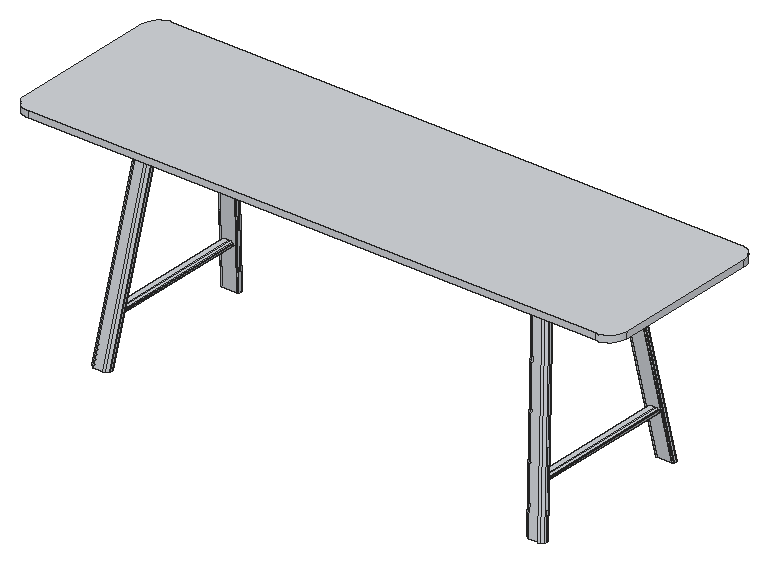
Revit family "Bernhardt_Design-Tables-Freestanding-Frame_42h-Blueprint", category Furniture, Revit 2016
Family settings
  OmniClass Number = 23.40.20.00
  OmniClass Title = General Furniture and Specialties
  Work Plane-Based = No
  Always vertical = Yes
  Cut with Voids When Loaded = No
  Shared = No
  Room Calculation Point = No
Parameters (values of type "BPS-COA-AARR000")
  Wood = none
  URL = "http://www.bernhardtdesign.com"
  TotalWidth = 120"
  TotalDepth = 36"
  TableWidth = TotalWidth / 2  # 60"
  TableTopHeight = TotalHeight - 1 1/4"  # 40 3/4"
  TotalHeight = 42"
  TableTop = none
  TableDepth = TotalDepth / 2  # 18"
  Spacer_96in = no
  Spacer_72in = yes
  Spacer_120in = yes
  SKU = "BPS-COA-AARR000"
  RailCapFront = RailCap + 2"  # 2"
  RailCap = 0"
  Model = "Blueprint"  # constant formula
  Manufacturer = "Bernhardt Design"  # constant formula
  Railing_bottom = -Railing_top  # -36 1/2"
  Railing_top = CapDistance - 2"  # 36 1/2"
  LegDistance = 20"
  LegHeight = TableTopHeight  # 40 3/4"
  Copyright © = "Copyright © Bernhardt Design"  # constant formula
  Catalog = SKU  # "BPS-COA-AARR000"
  CapDistance = 38 1/2"
  Blueprint Gray = Blueprint Gray
  BlackPaint = Black Paint
  Authoring Version = "Autodesk Revit 2016"  # constant formula
Types (7): name | TotalWidth | TotalDepth | TableWidth | TableDepth | Spacer_96in | Spacer_72in | Spacer_120in | SKU | Railing_bottom | Railing_top | Catalog | CapDistance
  (no name) | 120" | 36" | 60" | 18" | no | yes | yes | "BPS-COA-AARR000" | -36 1/2" | 36 1/2" | "BPS-COA-AARR000" | 38 1/2"
  BPS-CGB-AARR000 | 72" | 42" | 36" | 21" | no | yes | no | "BPS-CGB-AARR000" | -24 1/2" | 24 1/2" | "BPS-CGB-AARR000" | 26 1/2"
  BPS-CKB-AARR000 | 96" | 42" | 48" | 21" | yes | no | no | "BPS-CKB-AARR000" | -36 1/2" | 36 1/2" | "BPS-CKB-AARR000" | 38 1/2"
  BPS-COB-AARR000 | 120" | 42" | 60" | 21" | no | yes | yes | "BPS-COB-AARR000" | -36 1/2" | 36 1/2" | "BPS-COB-AARR000" | 38 1/2"
  BPS-CGA-AARR000 | 72" | 36" | 36" | 18" | no | yes | no | "BPS-CGA-AARR000" | -24 1/2" | 24 1/2" | "BPS-CGA-AARR000" | 26 1/2"
  BPS-CKA-AARR000 | 96" | 36" | 48" | 18" | yes | no | no | "BPS-CKA-AARR000" | -36 1/2" | 36 1/2" | "BPS-CKA-AARR000" | 38 1/2"
  BPS-COA-AARR000 | 120" | 36" | 60" | 18" | no | yes | yes | "BPS-COA-AARR000" | -36 1/2" | 36 1/2" | "BPS-COA-AARR000" | 38 1/2"
Reference planes (in)
  plane 1 "Center Front/Back": y = 0
  plane 2: z = 0
  plane 3 "Center Left/Right": x = 0
  plane 4 "railTop_plane": z = 39.8248
  plane 5 "TableTop_plane": z = 42
  plane 6 "tableBottom_plane": z = 40.75
  plane 7 "railBottom_plane": z = 37.79724
  plane 8 "Crossbar_top_plane": y = 12.06057
  plane 9 "Crossbar_bottom_plane": y = -12.16143
  plane 10 "width_left_plane": x = -60
  plane 11 "width_right_plane": x = 60
  plane 12 "depth_top_plane": y = 18
  plane 13 "depth_bottom_plane": y = -18
  plane 14 "RailEnd_right_plane": x = 38.5
  plane 15 "RailEnd_left_plane": x = -38.5
  plane 16 "EndCap_right_plane": x = 40.24932
  plane 17 "EndCap_left_plane": x = -40.24269
Forms (in)
  Extrusion 1, solid, material <- "TableTop"
    sketch origin (0, 0, 0) x (1, 0, 0) y (0, 1, 0)
      loop
        arc (-56.5, 18) -> (-58.97487, 16.97487) -> (-60, 14.5) r 3.5
        line (-60, 14.5) -> (-60, -14.5)
        arc (-60, -14.5) -> (-58.97487, -16.97487) -> (-56.5, -18) r 3.5
        line (-56.5, -18) -> (56.5, -18)
        arc (56.5, -18) -> (58.97487, -16.97487) -> (60, -14.5) r 3.5
        line (60, -14.5) -> (60, 14.5)
        arc (60, 14.5) -> (58.97487, 16.97487) -> (56.5, 18) r 3.5
        line (56.5, 18) -> (-56.5, 18)
    from 42 <- "TotalHeight" to 40.75 <- "TableTopHeight"
  Extrusion 2, solid, material "Blueprint Gray" <- "Blueprint Gray"
    sketch origin (0, -6.68362, 17.41142) x (0, -1, 0) y (0, 0, 1)
      loop
        arc (-0.89738, 22.41338) -> (-0.95224, 22.39066) -> (-0.97496, 22.3358) r 0.07758
        line (-0.97496, 22.3358) -> (-0.97496, 20.46243)
        arc (-0.97496, 20.46243) -> (-0.95253, 20.40826) -> (-0.89836, 20.38583) r 0.0766
        line (-0.89836, 20.38583) -> (0.74076, 20.38583)
        arc (0.74076, 20.38583) -> (0.79557, 20.40853) -> (0.81827, 20.46334) r 0.07751
        line (0.81827, 20.46334) -> (0.81827, 22.334)
        arc (0.81827, 22.334) -> (0.79502, 22.39013) -> (0.73889, 22.41338) r 0.07938
        line (0.73889, 22.41338) -> (-0.89738, 22.41338)
      loop
        arc (-14.10793, 22.41338) -> (-14.16279, 22.39066) -> (-14.18551, 22.3358) r 0.07758
        line (-14.18551, 22.3358) -> (-14.18551, 20.46243)
        arc (-14.18551, 20.46243) -> (-14.16307, 20.40826) -> (-14.10891, 20.38583) r 0.0766
        line (-14.10891, 20.38583) -> (-12.46979, 20.38583)
        arc (-12.46979, 20.38583) -> (-12.41498, 20.40853) -> (-12.39228, 20.46334) r 0.07751
        line (-12.39228, 20.46334) -> (-12.39228, 22.334)
        arc (-12.39228, 22.334) -> (-12.41553, 22.39013) -> (-12.47166, 22.41338) r 0.07938
        line (-12.47166, 22.41338) -> (-14.10793, 22.41338)
    from -36.5 <- "Railing_bottom" to 36.5 <- "Railing_top"
  Extrusion 3, solid, material "Blueprint Gray" <- "Blueprint Gray"
    sketch origin (38.5, 0, 0) x (0, 0, -1) y (0, -1, 0)
      loop
        line (-40.75, -7.53436) -> (-37.7432, -7.53436) -> (-37.7432, -5.65936) -> (-40.75, -5.65936) -> (-40.75, -7.53436)
      loop
        line (-40.75, 5.66998) -> (-37.7432, 5.66998) -> (-37.7432, 7.53436) -> (-40.75, 7.53436) -> (-40.75, 5.66998)
    from 0 <- "RailCap" to 2 <- "RailCapFront"
  Extrusion 4, solid, material "Blueprint Gray" <- "Blueprint Gray"
    sketch origin (-38.5, 0, 0) x (0, 0, 1) y (0, -1, 0)
      loop
        line (40.75, -7.53436) -> (40.75, -5.65936) -> (37.7432, -5.65936) -> (37.7432, -7.53436) -> (40.75, -7.53436)
      loop
        line (40.75, 5.66998) -> (40.75, 7.53436) -> (37.7432, 7.53436) -> (37.7432, 5.66998) -> (40.75, 5.66998)
    from 0 <- "RailCap" to 2 <- "RailCapFront"
  Extrusion 5, solid, material "Blueprint Gray" <- "Blueprint Gray", visible <- "Spacer_72in"
    sketch origin (26.85381, 0, 0) x (0, -1, 0) y (0, 0, 1)
      loop
        line (-7.50051, 40.75) -> (-7.50051, 39.8248) -> (-5.67329, 39.8248) -> (-5.67329, 40.75) -> (-7.50051, 40.75)
      loop
        line (5.66998, 40.75) -> (5.66998, 39.8248) -> (7.49719, 39.8248) -> (7.49719, 40.75) -> (5.66998, 40.75)
    from 12.39763 to 13.89763
  Extrusion 6, solid, material "Blueprint Gray" <- "Blueprint Gray", visible <- "Spacer_72in"
    sketch origin (-26.85091, 0, 0) x (0, -1, 0) y (0, 0, -1)
      loop
        line (-7.50051, -40.75) -> (-5.67329, -40.75) -> (-5.67329, -39.8248) -> (-7.50051, -39.8248) -> (-7.50051, -40.75)
      loop
        line (5.66998, -40.75) -> (7.49719, -40.75) -> (7.49719, -39.8248) -> (5.66998, -39.8248) -> (5.66998, -40.75)
    from 12.39763 to 13.89763
  Extrusion 7, solid, material <- "Wood"
    sketch origin (0, 0, 0) x (1, 0, 0) y (0, 0, 1)
      loop
        line (38.5, 40.75) -> (38.5, 36.22889) -> (40.24269, 36.22889) -> (39.7675, 40.75) -> (38.5, 40.75)
    from -9.99793 to 10.02657
  Extrusion 8, solid, material <- "Wood"
    sketch origin (0, 0, 0) x (1, 0, 0) y (0, 0, 1)
      loop
        line (-38.5, 40.75) -> (-39.74488, 40.75) -> (-40.22006, 36.22889) -> (-38.5, 36.22889) -> (-38.5, 40.75)
    from -9.99793 to 10.02657
  Extrusion 9, solid, material "Blueprint Gray" <- "Blueprint Gray", visible <- "Spacer_72in"
    sketch origin (13.14909, 0, 0) x (0, -1, 0) y (0, 0, 1)
      loop
        line (-7.50051, 40.75) -> (-7.50051, 39.8248) -> (-5.67329, 39.8248) -> (-5.67329, 40.75) -> (-7.50051, 40.75)
      loop
        line (5.66998, 40.75) -> (5.66998, 39.8248) -> (7.49719, 39.8248) -> (7.49719, 40.75) -> (5.66998, 40.75)
    from 12.39763 to 13.89763
  Extrusion 10, solid, material <- "Wood"
    sketch origin (1.2199, -12.16143, 0) x (1, 0, 0) y (0, 0, 1)
      loop
        line (41.69577, 10) -> (40.71417, 10)
        arc (40.71417, 10) -> (40.61805, 9.97957) -> (40.53855, 9.92181) r 0.23632
        line (40.53855, 9.92181) -> (40.26444, 9.60649)
        arc (40.26444, 9.60649) -> (40.229, 9.54977) -> (40.21282, 9.48488) r 0.21376
        line (40.21282, 9.48488) -> (40.21282, 9.40601)
        arc (40.21282, 9.40601) -> (40.21502, 9.36995) -> (40.22161, 9.33443) r 0.29589
        line (40.22161, 9.33443) -> (40.52287, 8.76783)
        arc (40.52287, 8.76783) -> (40.62397, 8.6613) -> (40.7655, 8.62205) r 0.27478
        line (40.7655, 8.62205) -> (41.64444, 8.62205)
        arc (41.64444, 8.62205) -> (41.78597, 8.6613) -> (41.88706, 8.76783) r 0.27478
        line (41.88706, 8.76783) -> (42.18833, 9.33443)
        arc (42.18833, 9.33443) -> (42.19492, 9.36995) -> (42.19712, 9.40601) r 0.29589
        line (42.19712, 9.40601) -> (42.19712, 9.48488)
        arc (42.19712, 9.48488) -> (42.18094, 9.54977) -> (42.1455, 9.60649) r 0.21376
        line (42.1455, 9.60649) -> (41.87139, 9.92181)
        arc (41.87139, 9.92181) -> (41.79189, 9.97957) -> (41.69577, 10) r 0.23632
    from 2.60031 to -26.91143
  Extrusion 11, solid, material <- "Wood"
    sketch origin (-35.68981, -12.16143, 0) x (1, 0, 0) y (0, 0, 1)
      loop
        line (-6.30423, 10) -> (-7.28583, 10)
        arc (-7.28583, 10) -> (-7.38195, 9.97957) -> (-7.46145, 9.92181) r 0.23632
        line (-7.46145, 9.92181) -> (-7.73556, 9.60649)
        arc (-7.73556, 9.60649) -> (-7.771, 9.54977) -> (-7.78718, 9.48488) r 0.21376
        line (-7.78718, 9.48488) -> (-7.78718, 9.40601)
        arc (-7.78718, 9.40601) -> (-7.78498, 9.36995) -> (-7.77839, 9.33443) r 0.29589
        line (-7.77839, 9.33443) -> (-7.47713, 8.76783)
        arc (-7.47713, 8.76783) -> (-7.37603, 8.6613) -> (-7.2345, 8.62205) r 0.27478
        line (-7.2345, 8.62205) -> (-6.35556, 8.62205)
        arc (-6.35556, 8.62205) -> (-6.21403, 8.6613) -> (-6.11294, 8.76783) r 0.27478
        line (-6.11294, 8.76783) -> (-5.81167, 9.33443)
        arc (-5.81167, 9.33443) -> (-5.80508, 9.36995) -> (-5.80288, 9.40601) r 0.29589
        line (-5.80288, 9.40601) -> (-5.80288, 9.48488)
        arc (-5.80288, 9.48488) -> (-5.81906, 9.54977) -> (-5.8545, 9.60649) r 0.21376
        line (-5.8545, 9.60649) -> (-6.12861, 9.92181)
        arc (-6.12861, 9.92181) -> (-6.20811, 9.97957) -> (-6.30423, 10) r 0.23632
    from 2.60031 to -26.91143
  Blend 12, solid, material <- "Wood"
    base sketch origin (13.28914, 0, 0) x (1, 0, 0) y (0, 1, 0)
      loop
        line (-55.79539, 17.12558) -> (-57.51528, 17.12558)
        arc (-57.51528, 17.12558) -> (-57.71506, 17.08129) -> (-57.87741, 16.95672) r 0.47272
        line (-57.87741, 16.95672) -> (-58.44214, 16.5155)
        arc (-58.44214, 16.5155) -> (-58.52568, 16.4194) -> (-58.56714, 16.299) r 0.33368
        line (-58.56714, 16.299) -> (-58.56714, 15.94054)
        arc (-58.56714, 15.94054) -> (-58.55053, 15.84638) -> (-58.50273, 15.76358) r 0.2753
        line (-58.50273, 15.76358) -> (-58.36805, 15.62891)
        arc (-58.36805, 15.62891) -> (-58.28777, 15.57776) -> (-58.1934, 15.56534) r 0.21989
        line (-58.1934, 15.56534) -> (-55.11726, 15.56534)
        arc (-55.11726, 15.56534) -> (-55.02289, 15.57776) -> (-54.94262, 15.62891) r 0.21989
        line (-54.94262, 15.62891) -> (-54.80794, 15.76358)
        arc (-54.80794, 15.76358) -> (-54.76013, 15.84638) -> (-54.74353, 15.94054) r 0.2753
        line (-54.74353, 15.94054) -> (-54.74353, 16.299)
        arc (-54.74353, 16.299) -> (-54.78499, 16.4194) -> (-54.86853, 16.5155) r 0.33368
        line (-54.86853, 16.5155) -> (-55.43326, 16.95672)
        arc (-55.43326, 16.95672) -> (-55.59561, 17.08129) -> (-55.79539, 17.12558) r 0.47272
    top sketch origin (13.28914, 0, 0) x (1, 0, 0) y (0, 1, 0)
      loop
        line (-51.56413, 10.71574) -> (-53.28402, 10.71574)
        arc (-53.28402, 10.71574) -> (-53.4838, 10.67145) -> (-53.64615, 10.54688) r 0.47272
        line (-53.64615, 10.54688) -> (-54.21088, 10.10567)
        arc (-54.21088, 10.10567) -> (-54.29442, 10.00956) -> (-54.33588, 9.88916) r 0.33368
        line (-54.33588, 9.88916) -> (-54.33588, 9.53071)
        arc (-54.33588, 9.53071) -> (-54.31927, 9.43655) -> (-54.27147, 9.35375) r 0.2753
        line (-54.27147, 9.35375) -> (-54.13679, 9.21907)
        arc (-54.13679, 9.21907) -> (-54.05651, 9.16793) -> (-53.96214, 9.15551) r 0.21989
        line (-53.96214, 9.15551) -> (-50.886, 9.15551)
        arc (-50.886, 9.15551) -> (-50.79163, 9.16793) -> (-50.71136, 9.21907) r 0.21989
        line (-50.71136, 9.21907) -> (-50.57668, 9.35375)
        arc (-50.57668, 9.35375) -> (-50.52887, 9.43655) -> (-50.51227, 9.53071) r 0.2753
        line (-50.51227, 9.53071) -> (-50.51227, 9.88916)
        arc (-50.51227, 9.88916) -> (-50.55373, 10.00956) -> (-50.63727, 10.10567) r 0.33368
        line (-50.63727, 10.10567) -> (-51.202, 10.54688)
        arc (-51.202, 10.54688) -> (-51.36435, 10.67145) -> (-51.56413, 10.71574) r 0.47272
    from 0 to 40.75 <- "LegHeight"
  Blend 13, solid, material <- "Wood"
    base sketch origin (-13.27452, 0, 0) x (-1, 0, 0) y (0, -1, 0)
      loop
        arc (-55.74857, -17.12505) -> (-55.54879, -17.08076) -> (-55.38644, -16.95619) r 0.47272
        line (-55.38644, -16.95619) -> (-54.82171, -16.51497)
        arc (-54.82171, -16.51497) -> (-54.73817, -16.41887) -> (-54.69671, -16.29847) r 0.33368
        line (-54.69671, -16.29847) -> (-54.69671, -15.94001)
        arc (-54.69671, -15.94001) -> (-54.71332, -15.84585) -> (-54.76112, -15.76305) r 0.2753
        line (-54.76112, -15.76305) -> (-54.8958, -15.62838)
        arc (-54.8958, -15.62838) -> (-54.97608, -15.57723) -> (-55.07045, -15.56481) r 0.21989
        line (-55.07045, -15.56481) -> (-58.14659, -15.56481)
        arc (-58.14659, -15.56481) -> (-58.24096, -15.57723) -> (-58.32123, -15.62838) r 0.21989
        line (-58.32123, -15.62838) -> (-58.45591, -15.76305)
        arc (-58.45591, -15.76305) -> (-58.50372, -15.84585) -> (-58.52032, -15.94001) r 0.2753
        line (-58.52032, -15.94001) -> (-58.52032, -16.29847)
        arc (-58.52032, -16.29847) -> (-58.47886, -16.41887) -> (-58.39532, -16.51497) r 0.33368
        line (-58.39532, -16.51497) -> (-57.83059, -16.95619)
        arc (-57.83059, -16.95619) -> (-57.66824, -17.08076) -> (-57.46847, -17.12505) r 0.47272
        line (-57.46847, -17.12505) -> (-55.74857, -17.12505)
    top sketch origin (-13.27452, 0, 0) x (-1, 0, 0) y (0, -1, 0)
      loop
        arc (-51.56413, -10.71599) -> (-51.36435, -10.6717) -> (-51.202, -10.54712) r 0.47272
        line (-51.202, -10.54712) -> (-50.63727, -10.10591)
        arc (-50.63727, -10.10591) -> (-50.55373, -10.0098) -> (-50.51227, -9.8894) r 0.33368
        line (-50.51227, -9.8894) -> (-50.51227, -9.53095)
        arc (-50.51227, -9.53095) -> (-50.52887, -9.43679) -> (-50.57668, -9.35399) r 0.2753
        line (-50.57668, -9.35399) -> (-50.71136, -9.21931)
        arc (-50.71136, -9.21931) -> (-50.79163, -9.16817) -> (-50.886, -9.15575) r 0.21989
        line (-50.886, -9.15575) -> (-53.96214, -9.15575)
        arc (-53.96214, -9.15575) -> (-54.05651, -9.16817) -> (-54.13679, -9.21931) r 0.21989
        line (-54.13679, -9.21931) -> (-54.27147, -9.35399)
        arc (-54.27147, -9.35399) -> (-54.31927, -9.43679) -> (-54.33588, -9.53095) r 0.2753
        line (-54.33588, -9.53095) -> (-54.33588, -9.8894)
        arc (-54.33588, -9.8894) -> (-54.29442, -10.0098) -> (-54.21088, -10.10591) r 0.33368
        line (-54.21088, -10.10591) -> (-53.64615, -10.54712)
        arc (-53.64615, -10.54712) -> (-53.4838, -10.6717) -> (-53.28402, -10.71599) r 0.47272
        line (-53.28402, -10.71599) -> (-51.56413, -10.71599)
    from 0 to 40.75 <- "LegHeight"
  Blend 14, solid, material <- "Wood"
    base sketch origin (13.28914, 0, 0) x (1, 0, 0) y (0, 1, 0)
      loop
        arc (-55.79538, -17.12558) -> (-55.5956, -17.08129) -> (-55.43326, -16.95671) r 0.47272
        line (-55.43326, -16.95671) -> (-54.86853, -16.5155)
        arc (-54.86853, -16.5155) -> (-54.78499, -16.41939) -> (-54.74353, -16.29899) r 0.33368
        line (-54.74353, -16.29899) -> (-54.74353, -15.94054)
        arc (-54.74353, -15.94054) -> (-54.76013, -15.84638) -> (-54.80794, -15.76358) r 0.2753
        line (-54.80794, -15.76358) -> (-54.94261, -15.6289)
        arc (-54.94261, -15.6289) -> (-55.02289, -15.57776) -> (-55.11726, -15.56534) r 0.21989
        line (-55.11726, -15.56534) -> (-58.1934, -15.56534)
        arc (-58.1934, -15.56534) -> (-58.28777, -15.57776) -> (-58.36805, -15.6289) r 0.21989
        line (-58.36805, -15.6289) -> (-58.50273, -15.76358)
        arc (-58.50273, -15.76358) -> (-58.55053, -15.84638) -> (-58.56713, -15.94054) r 0.2753
        line (-58.56713, -15.94054) -> (-58.56713, -16.29899)
        arc (-58.56713, -16.29899) -> (-58.52568, -16.41939) -> (-58.44213, -16.5155) r 0.33368
        line (-58.44213, -16.5155) -> (-57.8774, -16.95671)
        arc (-57.8774, -16.95671) -> (-57.71506, -17.08129) -> (-57.51528, -17.12558) r 0.47272
        line (-57.51528, -17.12558) -> (-55.79538, -17.12558)
    top sketch origin (13.28914, 0, 0) x (1, 0, 0) y (0, 1, 0)
      loop
        arc (-51.56413, -10.71574) -> (-51.36435, -10.67145) -> (-51.202, -10.54688) r 0.47272
        line (-51.202, -10.54688) -> (-50.63727, -10.10566)
        arc (-50.63727, -10.10566) -> (-50.55373, -10.00956) -> (-50.51227, -9.88916) r 0.33368
        line (-50.51227, -9.88916) -> (-50.51227, -9.5307)
        arc (-50.51227, -9.5307) -> (-50.52887, -9.43655) -> (-50.57668, -9.35375) r 0.2753
        line (-50.57668, -9.35375) -> (-50.71136, -9.21907)
        arc (-50.71136, -9.21907) -> (-50.79163, -9.16793) -> (-50.886, -9.1555) r 0.21989
        line (-50.886, -9.1555) -> (-53.96214, -9.1555)
        arc (-53.96214, -9.1555) -> (-54.05651, -9.16793) -> (-54.13679, -9.21907) r 0.21989
        line (-54.13679, -9.21907) -> (-54.27147, -9.35375)
        arc (-54.27147, -9.35375) -> (-54.31927, -9.43655) -> (-54.33588, -9.5307) r 0.2753
        line (-54.33588, -9.5307) -> (-54.33588, -9.88916)
        arc (-54.33588, -9.88916) -> (-54.29442, -10.00956) -> (-54.21088, -10.10566) r 0.33368
        line (-54.21088, -10.10566) -> (-53.64615, -10.54688)
        arc (-53.64615, -10.54688) -> (-53.4838, -10.67145) -> (-53.28402, -10.71574) r 0.47272
        line (-53.28402, -10.71574) -> (-51.56413, -10.71574)
    from 0 to 40.75 <- "LegHeight"
  Blend 15, solid, material <- "Wood"
    base sketch origin (-13.03914, 0, 0) x (-1, 0, 0) y (0, -1, 0)
      loop
        line (-55.61292, 17.12669) -> (-57.33282, 17.12669)
        arc (-57.33282, 17.12669) -> (-57.5326, 17.0824) -> (-57.69494, 16.95783) r 0.47272
        line (-57.69494, 16.95783) -> (-58.25967, 16.51661)
        arc (-58.25967, 16.51661) -> (-58.34322, 16.42051) -> (-58.38467, 16.3001) r 0.33368
        line (-58.38467, 16.3001) -> (-58.38467, 15.94165)
        arc (-58.38467, 15.94165) -> (-58.36807, 15.84749) -> (-58.32027, 15.76469) r 0.2753
        line (-58.32027, 15.76469) -> (-58.18559, 15.63002)
        arc (-58.18559, 15.63002) -> (-58.10531, 15.57887) -> (-58.01094, 15.56645) r 0.21989
        line (-58.01094, 15.56645) -> (-54.9348, 15.56645)
        arc (-54.9348, 15.56645) -> (-54.84043, 15.57887) -> (-54.76015, 15.63002) r 0.21989
        line (-54.76015, 15.63002) -> (-54.62548, 15.76469)
        arc (-54.62548, 15.76469) -> (-54.57767, 15.84749) -> (-54.56107, 15.94165) r 0.2753
        line (-54.56107, 15.94165) -> (-54.56107, 16.3001)
        arc (-54.56107, 16.3001) -> (-54.60253, 16.42051) -> (-54.68607, 16.51661) r 0.33368
        line (-54.68607, 16.51661) -> (-55.2508, 16.95783)
        arc (-55.2508, 16.95783) -> (-55.41314, 17.0824) -> (-55.61292, 17.12669) r 0.47272
    top sketch origin (-13.03914, 0, 0) x (-1, 0, 0) y (0, -1, 0)
      loop
        line (-51.43376, 10.71771) -> (-53.15366, 10.71771)
        arc (-53.15366, 10.71771) -> (-53.35344, 10.67342) -> (-53.51578, 10.54885) r 0.47272
        line (-53.51578, 10.54885) -> (-54.08051, 10.10763)
        arc (-54.08051, 10.10763) -> (-54.16405, 10.01153) -> (-54.20551, 9.89113) r 0.33368
        line (-54.20551, 9.89113) -> (-54.20551, 9.53267)
        arc (-54.20551, 9.53267) -> (-54.18891, 9.43852) -> (-54.1411, 9.35572) r 0.2753
        line (-54.1411, 9.35572) -> (-54.00643, 9.22104)
        arc (-54.00643, 9.22104) -> (-53.92615, 9.1699) -> (-53.83178, 9.15747) r 0.21989
        line (-53.83178, 9.15747) -> (-50.75564, 9.15747)
        arc (-50.75564, 9.15747) -> (-50.66127, 9.1699) -> (-50.58099, 9.22104) r 0.21989
        line (-50.58099, 9.22104) -> (-50.44631, 9.35572)
        arc (-50.44631, 9.35572) -> (-50.39851, 9.43852) -> (-50.38191, 9.53267) r 0.2753
        line (-50.38191, 9.53267) -> (-50.38191, 9.89113)
        arc (-50.38191, 9.89113) -> (-50.42336, 10.01153) -> (-50.50691, 10.10763) r 0.33368
        line (-50.50691, 10.10763) -> (-51.07164, 10.54885)
        arc (-51.07164, 10.54885) -> (-51.23398, 10.67342) -> (-51.43376, 10.71771) r 0.47272
    from 0 to 40.75 <- "LegHeight"
  Extrusion 16, solid, material "Blueprint Gray" <- "Blueprint Gray", visible <- "Spacer_96in"
    sketch origin (-31.18161, 0, 0) x (0, -1, 0) y (0, 0, -1)
      loop
        line (-7.50051, -40.75) -> (-5.67329, -40.75) -> (-5.67329, -39.8248) -> (-7.50051, -39.8248) -> (-7.50051, -40.75)
      loop
        line (5.66998, -40.75) -> (7.49719, -40.75) -> (7.49719, -39.8248) -> (5.66998, -39.8248) -> (5.66998, -40.75)
    from 12.39763 to 13.89763
  Extrusion 17, solid, material "Blueprint Gray" <- "Blueprint Gray", visible <- "Spacer_96in"
    sketch origin (-13.14616, 0, 0) x (0, -1, 0) y (0, 0, -1)
      loop
        line (-7.50051, -40.75) -> (-5.67329, -40.75) -> (-5.67329, -39.8248) -> (-7.50051, -39.8248) -> (-7.50051, -40.75)
      loop
        line (5.66998, -40.75) -> (7.49719, -40.75) -> (7.49719, -39.8248) -> (5.66998, -39.8248) -> (5.66998, -40.75)
    from 12.39763 to 13.89763
  Extrusion 18, solid, material "Blueprint Gray" <- "Blueprint Gray", visible <- "Spacer_96in"
    sketch origin (31.18451, 0, 0) x (0, -1, 0) y (0, 0, 1)
      loop
        line (-7.50051, 40.75) -> (-7.50051, 39.8248) -> (-5.67329, 39.8248) -> (-5.67329, 40.75) -> (-7.50051, 40.75)
      loop
        line (5.66998, 40.75) -> (5.66998, 39.8248) -> (7.49719, 39.8248) -> (7.49719, 40.75) -> (5.66998, 40.75)
    from 12.39763 to 13.89763
  Extrusion 19, solid, material "Blueprint Gray" <- "Blueprint Gray", visible <- "Spacer_120in"
    sketch origin (-40.5556, 0, 0) x (0, -1, 0) y (0, 0, -1)
      loop
        line (-7.50051, -40.75) -> (-5.67329, -40.75) -> (-5.67329, -39.8248) -> (-7.50051, -39.8248) -> (-7.50051, -40.75)
      loop
        line (5.66998, -40.75) -> (7.49719, -40.75) -> (7.49719, -39.8248) -> (5.66998, -39.8248) -> (5.66998, -40.75)
    from 12.39763 to 13.89763
  Extrusion 20, solid, material "Blueprint Gray" <- "Blueprint Gray", visible <- "Spacer_120in"
    sketch origin (14.26329, 0, 0) x (0, -1, 0) y (0, 0, -1)
      loop
        line (-7.50051, -40.75) -> (-5.67329, -40.75) -> (-5.67329, -39.8248) -> (-7.50051, -39.8248) -> (-7.50051, -40.75)
      loop
        line (5.66998, -40.75) -> (7.49719, -40.75) -> (7.49719, -39.8248) -> (5.66998, -39.8248) -> (5.66998, -40.75)
    from 12.39763 to 13.89763
Dimensions and locks (in)
  "TotalHeight": plane 5 "TableTop_plane" to level
  "TableDepth": plane 1 "Center Front/Back" to plane 12 "depth_top_plane"
  "TableDepth": plane 13 "depth_bottom_plane" to plane 1 "Center Front/Back"
  "TableWidth": plane 10 "width_left_plane" to plane 3 "Center Left/Right"
  "TableWidth": plane 3 "Center Left/Right" to plane 11 "width_right_plane"
  locked: plane 16 "EndCap_right_plane" to Extrusion 7 at 1.74932
  locked: plane 17 "EndCap_left_plane" to plane 15 "RailEnd_left_plane" at 1.74269
  locked: plane 14 "RailEnd_right_plane" to plane 16 "EndCap_right_plane" at 1.74932
  plane 17 "EndCap_left_plane" to Extrusion 8 = 1.74269"
  "CapDistance": plane 15 "RailEnd_left_plane" to plane 3 "Center Left/Right"
  "CapDistance": plane 3 "Center Left/Right" to plane 14 "RailEnd_right_plane"
  plane 9 "Crossbar_bottom_plane" to Extrusion 10 = 26.91143"
  locked: plane 5 "TableTop_plane" to plane 7 "railBottom_plane" at 4.20276
  locked: plane 4 "railTop_plane" to plane 7 "railBottom_plane" at 2.02756
  locked: plane 6 "tableBottom_plane" to plane 4 "railTop_plane" at 0.9252
  locked: Blend 12 to Blend 12 at 3.8236
  locked: Blend 13 to Blend 13 at 3.8236
  locked: Blend 14 to Blend 14 at 3.8236
  locked: Blend 15 to Blend 15 at 3.8236
  radius of Extrusion 1 sketch curve = 3 1/2"
  aligned and locked: level to plane 2
  aligned and locked: Extrusion 1 to plane 12 "depth_top_plane"
  aligned and locked: plane 11 "width_right_plane" to Extrusion 1
  aligned and locked: Extrusion 1 to plane 10 "width_left_plane"
  aligned and locked: plane 13 "depth_bottom_plane" to Extrusion 1
  aligned and locked: plane 15 "RailEnd_left_plane" to Extrusion 8
Automatic sketch dimensions
  Extrusion 1 sketch curve to plane 10 "width_left_plane" = 0"
  plane 13 "depth_bottom_plane" to Extrusion 1 sketch curve = 0"
  plane 12 "depth_top_plane" to Extrusion 1 sketch curve = 0"
  Extrusion 1 sketch curve to plane 11 "width_right_plane" = 0"
  plane 10 "width_left_plane" to Extrusion 1 sketch curve = 3 1/2"  (x2)
  Extrusion 1 sketch curve to Extrusion 1 sketch curve = 3 1/2"
  plane 7 "railBottom_plane" to Extrusion 2 sketch curve = 0"  (x2)
  plane 4 "railTop_plane" to Extrusion 2 sketch curve = 0"  (x2)
  Extrusion 2 sketch curve to plane 7 "railBottom_plane" = 0.0766"
  Extrusion 2 sketch curve to plane 8 "Crossbar_top_plane" = 4.55867"
  Extrusion 2 sketch curve to Extrusion 2 sketch curve = 0.07758"
  Extrusion 2 sketch curve to Extrusion 2 sketch curve = 1.63627"  (x2)
  Extrusion 2 sketch curve to plane 7 "railBottom_plane" = 0.07751"  (x2)
  Extrusion 2 sketch curve to Extrusion 2 sketch curve = 1.63912"  (x2)
  plane 4 "railTop_plane" to Extrusion 2 sketch curve = 0.07758"
  plane 1 "Center Front/Back" to Extrusion 2 sketch curve = 5.70865"
  Extrusion 2 sketch curve to Extrusion 2 sketch curve = 0.0766"
  Extrusion 3 sketch curve to plane 6 "tableBottom_plane" = 0"  (x2)
  plane 7 "railBottom_plane" to Extrusion 3 sketch curve = 0.05404"  (x2)
  Extrusion 3 sketch curve to plane 8 "Crossbar_top_plane" = 4.52621"
  Extrusion 3 sketch curve to Extrusion 3 sketch curve = 1 7/8"
  plane 1 "Center Front/Back" to Extrusion 3 sketch curve = 5.66998"
  Extrusion 3 sketch curve to Extrusion 3 sketch curve = 1.86438"
  Extrusion 4 sketch curve to plane 6 "tableBottom_plane" = 0"  (x2)
  plane 7 "railBottom_plane" to Extrusion 4 sketch curve = 0.05404"  (x2)
  Extrusion 4 sketch curve to plane 8 "Crossbar_top_plane" = 4.52621"
  Extrusion 4 sketch curve to Extrusion 4 sketch curve = 1 7/8"
  plane 1 "Center Front/Back" to Extrusion 4 sketch curve = 5.66998"
  Extrusion 4 sketch curve to Extrusion 4 sketch curve = 1.86438"
  plane 4 "railTop_plane" to Extrusion 5 sketch curve = 0"  (x2)
  Extrusion 5 sketch curve to plane 6 "tableBottom_plane" = 0"  (x2)
  Extrusion 5 sketch curve to plane 8 "Crossbar_top_plane" = 4.56006"
  Extrusion 5 sketch curve to Extrusion 5 sketch curve = 1.82721"  (x2)
  plane 1 "Center Front/Back" to Extrusion 5 sketch curve = 5.66998"
  plane 4 "railTop_plane" to Extrusion 6 sketch curve = 0"  (x2)
  Extrusion 6 sketch curve to plane 6 "tableBottom_plane" = 0"  (x2)
  Extrusion 6 sketch curve to plane 8 "Crossbar_top_plane" = 4.56006"
  Extrusion 6 sketch curve to Extrusion 6 sketch curve = 1.82721"  (x2)
  plane 1 "Center Front/Back" to Extrusion 6 sketch curve = 5.66998"
  plane 14 "RailEnd_right_plane" to Extrusion 7 sketch curve = 0"
  Extrusion 7 sketch curve to plane 6 "tableBottom_plane" = 0"
  plane 16 "EndCap_right_plane" to Extrusion 7 sketch curve = 0.48182"
  plane 16 "EndCap_right_plane" to Extrusion 7 sketch curve = 0.00663"
  plane 7 "railBottom_plane" to Extrusion 7 sketch curve = 1.56835"
  Extrusion 8 sketch curve to plane 6 "tableBottom_plane" = 0"
  Extrusion 8 sketch curve to plane 15 "RailEnd_left_plane" = 0"
  plane 17 "EndCap_left_plane" to Extrusion 8 sketch curve = 0.49781"
  plane 17 "EndCap_left_plane" to Extrusion 8 sketch curve = 0.02263"
  plane 7 "railBottom_plane" to Extrusion 8 sketch curve = 1.56835"
  plane 4 "railTop_plane" to Extrusion 9 sketch curve = 0"  (x2)
  Extrusion 9 sketch curve to plane 6 "tableBottom_plane" = 0"  (x2)
  Extrusion 9 sketch curve to plane 8 "Crossbar_top_plane" = 4.56006"
  Extrusion 9 sketch curve to Extrusion 9 sketch curve = 1.82721"  (x2)
  plane 1 "Center Front/Back" to Extrusion 9 sketch curve = 5.66998"
  Extrusion 10 sketch curve to plane 16 "EndCap_right_plane" = 1.1834"
  Extrusion 10 sketch curve to plane 16 "EndCap_right_plane" = 1.19219"
  Extrusion 10 sketch curve to plane 16 "EndCap_right_plane" = 1.23502"
  Extrusion 10 sketch curve to plane 16 "EndCap_right_plane" = 1.39634"
  Extrusion 10 sketch curve to Extrusion 10 sketch curve = 0.08294"  (x2)
  Extrusion 10 sketch curve to plane 16 "EndCap_right_plane" = 1.49345"
  Extrusion 10 sketch curve to plane 16 "EndCap_right_plane" = 1.50913"
  Extrusion 10 sketch curve to Extrusion 10 sketch curve = 0.17562"  (x2)
  Extrusion 10 sketch curve to Extrusion 10 sketch curve = 0.24262"  (x2)
  Extrusion 10 sketch curve to Extrusion 10 sketch curve = 0.87895"
  Extrusion 10 sketch curve to Extrusion 10 sketch curve = 0.9816"
  Extrusion 10 sketch curve to Extrusion 10 sketch curve = 0.20546"
  Extrusion 10 sketch curve to Extrusion 10 sketch curve = 0.16133"
  Extrusion 10 sketch curve to Extrusion 10 sketch curve = 0.20416"
  Extrusion 10 sketch curve to Extrusion 10 sketch curve = 0.05162"
  level to Extrusion 10 sketch curve = 8.62205"
  Extrusion 10 sketch curve to Extrusion 10 sketch curve = 0.14578"  (x2)
  Extrusion 10 sketch curve to Extrusion 10 sketch curve = 0.5666"  (x2)
  Extrusion 10 sketch curve to Extrusion 10 sketch curve = 0.06023"  (x2)
  Extrusion 10 sketch curve to Extrusion 10 sketch curve = 0.07886"  (x2)
  Extrusion 10 sketch curve to Extrusion 10 sketch curve = 0.35767"  (x2)
  Extrusion 10 sketch curve to Extrusion 10 sketch curve = 0.15813"
  Extrusion 11 sketch curve to plane 17 "EndCap_left_plane" = 1 1/4"
  Extrusion 11 sketch curve to plane 17 "EndCap_left_plane" = 1.25879"
  Extrusion 11 sketch curve to plane 17 "EndCap_left_plane" = 1.30162"
  Extrusion 11 sketch curve to plane 17 "EndCap_left_plane" = 1.46295"
  Extrusion 11 sketch curve to Extrusion 11 sketch curve = 0.08294"  (x2)
  Extrusion 11 sketch curve to plane 17 "EndCap_left_plane" = 1.56006"
  Extrusion 11 sketch curve to plane 17 "EndCap_left_plane" = 1.57573"
  Extrusion 11 sketch curve to Extrusion 11 sketch curve = 0.17562"  (x2)
  Extrusion 11 sketch curve to Extrusion 11 sketch curve = 0.24262"  (x2)
  Extrusion 11 sketch curve to Extrusion 11 sketch curve = 0.87895"
  Extrusion 11 sketch curve to Extrusion 11 sketch curve = 0.05133"
  Extrusion 11 sketch curve to Extrusion 11 sketch curve = 0.20546"
  Extrusion 11 sketch curve to Extrusion 11 sketch curve = 0.16133"
  Extrusion 11 sketch curve to Extrusion 11 sketch curve = 0.20416"
  Extrusion 11 sketch curve to Extrusion 11 sketch curve = 0.00879"
  level to Extrusion 11 sketch curve = 8.62205"
  Extrusion 11 sketch curve to Extrusion 11 sketch curve = 0.14578"  (x2)
  Extrusion 11 sketch curve to Extrusion 11 sketch curve = 0.5666"  (x2)
  Extrusion 11 sketch curve to Extrusion 11 sketch curve = 0.06023"  (x2)
  Extrusion 11 sketch curve to Extrusion 11 sketch curve = 0.07886"  (x2)
  Extrusion 11 sketch curve to Extrusion 11 sketch curve = 0.35767"  (x2)
  Extrusion 11 sketch curve to Extrusion 11 sketch curve = 0.15813"
  Blend 12 sketch curve to plane 17 "EndCap_left_plane" = 5.0353"
  plane 8 "Crossbar_top_plane" to Blend 12 sketch curve = 3.70302"
  Blend 12 sketch curve to Blend 12 sketch curve = 0.06441"  (x2)
  plane 8 "Crossbar_top_plane" to Blend 12 sketch curve = 4.45494"
  Blend 12 sketch curve to Blend 12 sketch curve = 1/8"  (x4)
  Blend 12 sketch curve to Blend 12 sketch curve = 0.13468"  (x8)
  Blend 12 sketch curve to Blend 12 sketch curve = 0.2753"  (x2)
  Blend 12 sketch curve to Blend 12 sketch curve = 0.05514"  (x2)
  Blend 12 sketch curve to Blend 12 sketch curve = 0.07927"  (x4)
  Blend 12 sketch curve to Blend 12 sketch curve = 0.17465"  (x4)
  Blend 12 sketch curve to Blend 12 sketch curve = 0.56473"
  Blend 12 sketch curve to Blend 12 sketch curve = 0.36212"  (x3)
  Blend 12 sketch curve to plane 17 "EndCap_left_plane" = 2.26355"
  Blend 12 sketch curve to plane 17 "EndCap_left_plane" = 1.58543"
  Blend 12 sketch curve to Blend 12 sketch curve = 0.01916"  (x2)
  Blend 12 sketch curve to Blend 12 sketch curve = 0.02413"  (x2)
  Blend 12 sketch curve to Blend 12 sketch curve = 0.20544"  (x2)
  plane 8 "Crossbar_top_plane" to Blend 12 sketch curve = 3.56834"
  Blend 12 sketch curve to Blend 12 sketch curve = 0.06357"  (x3)
  Blend 12 sketch curve to Blend 12 sketch curve = 0.31202"  (x4)
  Blend 12 sketch curve to Blend 12 sketch curve = 0.04644"  (x3)
  Blend 12 sketch curve to Blend 12 sketch curve = 0.4003"  (x4)
  Blend 12 sketch curve to Blend 12 sketch curve = 0.30386"  (x2)
  Blend 12 sketch curve to plane 17 "EndCap_left_plane" = 0.80404"
  Blend 12 sketch curve to plane 17 "EndCap_left_plane" = 0.11431"
  plane 17 "EndCap_left_plane" to Blend 12 sketch curve = 0.24781"
  plane 15 "RailEnd_left_plane" to Blend 12 sketch curve = 0.22502"
  plane 15 "RailEnd_left_plane" to Blend 12 sketch curve = 0.90314"
  Blend 12 sketch curve to plane 8 "Crossbar_top_plane" = 2.90506"
  Blend 13 sketch curve to plane 16 "EndCap_right_plane" = 4.99648"
  plane 8 "Crossbar_top_plane" to Blend 13 sketch curve = 3.70249"
  Blend 13 sketch curve to Blend 13 sketch curve = 0.06441"  (x2)
  plane 8 "Crossbar_top_plane" to Blend 13 sketch curve = 4.45441"
  Blend 13 sketch curve to Blend 13 sketch curve = 1/8"  (x4)
  Blend 13 sketch curve to Blend 13 sketch curve = 0.13468"  (x7)
  Blend 13 sketch curve to Blend 13 sketch curve = 0.21089"
  Blend 13 sketch curve to Blend 13 sketch curve = 0.05514"  (x2)
  Blend 13 sketch curve to Blend 13 sketch curve = 0.07927"  (x4)
  Blend 13 sketch curve to Blend 13 sketch curve = 0.17465"  (x4)
  Blend 13 sketch curve to Blend 13 sketch curve = 0.56473"
  Blend 13 sketch curve to Blend 13 sketch curve = 0.36212"  (x3)
  Blend 13 sketch curve to plane 16 "EndCap_right_plane" = 2.22473"
  Blend 13 sketch curve to plane 16 "EndCap_right_plane" = 1.54661"
  Blend 13 sketch curve to Blend 13 sketch curve = 0.01916"  (x2)
  Blend 13 sketch curve to Blend 13 sketch curve = 0.02413"  (x2)
  Blend 13 sketch curve to Blend 13 sketch curve = 0.20544"  (x2)
  Blend 13 sketch curve to Blend 13 sketch curve = 0.13736"
  Blend 13 sketch curve to Blend 13 sketch curve = 0"
  Blend 13 sketch curve to Blend 13 sketch curve = 0.30386"  (x2)
  Blend 13 sketch curve to Blend 13 sketch curve = 0.44122"
  Blend 13 sketch curve to Blend 13 sketch curve = 0.21651"  (x2)
  Blend 13 sketch curve to Blend 13 sketch curve = 0.35846"
  Blend 13 sketch curve to Blend 13 sketch curve = 0.15615"  (x2)
  plane 16 "EndCap_right_plane" to Blend 13 sketch curve = 0.81204"
  Blend 13 sketch curve to Blend 13 sketch curve = 0.2753"
  plane 16 "EndCap_right_plane" to Blend 13 sketch curve = 0.12231"
  Blend 13 sketch curve to plane 16 "EndCap_right_plane" = 0.23981"
  Blend 13 sketch curve to plane 14 "RailEnd_right_plane" = 0.21039"
  Blend 13 sketch curve to plane 14 "RailEnd_right_plane" = 0.88852"
  plane 8 "Crossbar_top_plane" to Blend 13 sketch curve = 2.90482"
  Blend 13 sketch curve to Blend 13 sketch curve = 0.06357"  (x2)
  Blend 13 sketch curve to Blend 13 sketch curve = 0.31202"  (x2)
  Blend 13 sketch curve to Blend 13 sketch curve = 0.04644"  (x2)
  Blend 13 sketch curve to Blend 13 sketch curve = 0.4003"  (x2)
  Blend 14 sketch curve to plane 17 "EndCap_left_plane" = 5.0353"
  plane 9 "Crossbar_bottom_plane" to Blend 14 sketch curve = 3.60215"
  Blend 14 sketch curve to Blend 14 sketch curve = 0.06441"  (x2)
  plane 9 "Crossbar_bottom_plane" to Blend 14 sketch curve = 4.35407"
  Blend 14 sketch curve to Blend 14 sketch curve = 1/8"  (x4)
  Blend 14 sketch curve to Blend 14 sketch curve = 0.13468"  (x7)
  Blend 14 sketch curve to Blend 14 sketch curve = 0.21089"
  Blend 14 sketch curve to Blend 14 sketch curve = 0.05514"  (x2)
  Blend 14 sketch curve to Blend 14 sketch curve = 0.07927"  (x4)
  Blend 14 sketch curve to Blend 14 sketch curve = 0.17465"  (x4)
  Blend 14 sketch curve to Blend 14 sketch curve = 0.56473"
  Blend 14 sketch curve to Blend 14 sketch curve = 0.36212"  (x3)
  Blend 14 sketch curve to plane 17 "EndCap_left_plane" = 2.26355"
  Blend 14 sketch curve to plane 17 "EndCap_left_plane" = 1.58543"
  Blend 14 sketch curve to Blend 14 sketch curve = 0.01916"  (x2)
  Blend 14 sketch curve to Blend 14 sketch curve = 0.02413"  (x2)
  Blend 14 sketch curve to Blend 14 sketch curve = 0.20544"  (x2)
  Blend 14 sketch curve to Blend 14 sketch curve = 0.13736"
  Blend 14 sketch curve to Blend 14 sketch curve = 0"
  Blend 14 sketch curve to Blend 14 sketch curve = 0.30386"  (x2)
  Blend 14 sketch curve to Blend 14 sketch curve = 0.44122"
  Blend 14 sketch curve to Blend 14 sketch curve = 0.21651"  (x2)
  Blend 14 sketch curve to Blend 14 sketch curve = 0.35846"
  Blend 14 sketch curve to Blend 14 sketch curve = 0.15615"  (x2)
  plane 17 "EndCap_left_plane" to Blend 14 sketch curve = 0.80404"
  Blend 14 sketch curve to Blend 14 sketch curve = 0.2753"
  plane 17 "EndCap_left_plane" to Blend 14 sketch curve = 0.11431"
  Blend 14 sketch curve to plane 17 "EndCap_left_plane" = 0.24781"
  Blend 14 sketch curve to plane 15 "RailEnd_left_plane" = 0.22502"
  Blend 14 sketch curve to plane 15 "RailEnd_left_plane" = 0.90314"
  plane 9 "Crossbar_bottom_plane" to Blend 14 sketch curve = 3.00592"
  Blend 14 sketch curve to Blend 14 sketch curve = 0.06357"  (x2)
  Blend 14 sketch curve to Blend 14 sketch curve = 0.31202"  (x2)
  Blend 14 sketch curve to Blend 14 sketch curve = 0.04644"  (x2)
  Blend 14 sketch curve to Blend 14 sketch curve = 0.4003"  (x2)
  plane 9 "Crossbar_bottom_plane" to Blend 15 sketch curve = 3.78022"
  Blend 15 sketch curve to plane 16 "EndCap_right_plane" = 5.09621"
  plane 9 "Crossbar_bottom_plane" to Blend 15 sketch curve = 3.60327"
  Blend 15 sketch curve to Blend 15 sketch curve = 0.06441"  (x2)
  plane 9 "Crossbar_bottom_plane" to Blend 15 sketch curve = 4.35519"
  Blend 15 sketch curve to Blend 15 sketch curve = 1/8"  (x4)
  Blend 15 sketch curve to Blend 15 sketch curve = 0.13468"  (x8)
  Blend 15 sketch curve to Blend 15 sketch curve = 0.05514"  (x2)
  Blend 15 sketch curve to Blend 15 sketch curve = 0.07927"  (x4)
  Blend 15 sketch curve to Blend 15 sketch curve = 0.17465"  (x4)
  Blend 15 sketch curve to Blend 15 sketch curve = 0.56473"
  Blend 15 sketch curve to Blend 15 sketch curve = 0.36212"  (x2)
  Blend 15 sketch curve to Blend 15 sketch curve = 1.7199"
  Blend 15 sketch curve to plane 16 "EndCap_right_plane" = 1.64634"
  Blend 15 sketch curve to Blend 15 sketch curve = 0.01916"  (x2)
  Blend 15 sketch curve to Blend 15 sketch curve = 0.02413"  (x2)
  Blend 15 sketch curve to Blend 15 sketch curve = 0.20544"  (x2)
  plane 9 "Crossbar_bottom_plane" to Blend 15 sketch curve = 3.46859"
  Blend 15 sketch curve to Blend 15 sketch curve = 0.06357"  (x3)
  Blend 15 sketch curve to Blend 15 sketch curve = 0.31202"  (x4)
  Blend 15 sketch curve to Blend 15 sketch curve = 0.04644"  (x3)
  Blend 15 sketch curve to Blend 15 sketch curve = 0.4003"  (x4)
  Blend 15 sketch curve to Blend 15 sketch curve = 0.30386"  (x2)
  Blend 15 sketch curve to plane 16 "EndCap_right_plane" = 0.91705"
  Blend 15 sketch curve to Blend 15 sketch curve = 0.2753"
  Blend 15 sketch curve to plane 16 "EndCap_right_plane" = 0.22732"
  plane 16 "EndCap_right_plane" to Blend 15 sketch curve = 0.13481"
  plane 14 "RailEnd_right_plane" to Blend 15 sketch curve = 0.10538"
  plane 14 "RailEnd_right_plane" to Blend 15 sketch curve = 0.46751"
  plane 14 "RailEnd_right_plane" to Blend 15 sketch curve = 0.78351"
  Blend 15 sketch curve to plane 9 "Crossbar_bottom_plane" = 3.00395"
  plane 4 "railTop_plane" to Extrusion 16 sketch curve = 0"  (x2)
  Extrusion 16 sketch curve to plane 6 "tableBottom_plane" = 0"  (x2)
  Extrusion 16 sketch curve to plane 8 "Crossbar_top_plane" = 4.56006"
  Extrusion 16 sketch curve to Extrusion 16 sketch curve = 1.82721"  (x2)
  plane 1 "Center Front/Back" to Extrusion 16 sketch curve = 5.66998"
  plane 4 "railTop_plane" to Extrusion 17 sketch curve = 0"  (x2)
  Extrusion 17 sketch curve to plane 6 "tableBottom_plane" = 0"  (x2)
  Extrusion 17 sketch curve to plane 8 "Crossbar_top_plane" = 4.56006"
  Extrusion 17 sketch curve to Extrusion 17 sketch curve = 1.82721"  (x2)
  plane 1 "Center Front/Back" to Extrusion 17 sketch curve = 5.66998"
  plane 4 "railTop_plane" to Extrusion 18 sketch curve = 0"  (x2)
  Extrusion 18 sketch curve to plane 6 "tableBottom_plane" = 0"  (x2)
  Extrusion 18 sketch curve to plane 8 "Crossbar_top_plane" = 4.56006"
  Extrusion 18 sketch curve to Extrusion 18 sketch curve = 1.82721"  (x2)
  plane 1 "Center Front/Back" to Extrusion 18 sketch curve = 5.66998"
  plane 4 "railTop_plane" to Extrusion 19 sketch curve = 0"  (x2)
  Extrusion 19 sketch curve to plane 6 "tableBottom_plane" = 0"  (x2)
  Extrusion 19 sketch curve to plane 8 "Crossbar_top_plane" = 4.56006"
  Extrusion 19 sketch curve to Extrusion 19 sketch curve = 1.82721"  (x2)
  plane 1 "Center Front/Back" to Extrusion 19 sketch curve = 5.66998"
  plane 4 "railTop_plane" to Extrusion 20 sketch curve = 0"  (x2)
  Extrusion 20 sketch curve to plane 6 "tableBottom_plane" = 0"  (x2)
  Extrusion 20 sketch curve to plane 8 "Crossbar_top_plane" = 4.56006"
  Extrusion 20 sketch curve to Extrusion 20 sketch curve = 1.82721"  (x2)
  plane 1 "Center Front/Back" to Extrusion 20 sketch curve = 5.66998"
